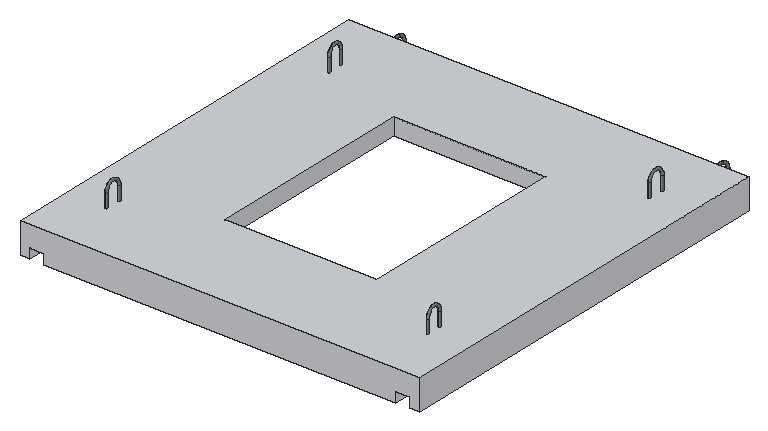
Revit family "110201-00006  Блок стеновой ж.б СБ-3", category Обобщенные модели, Revit 2019
Family settings
  Может служить основой для арматурных стержней = Нет
  Размер круглого соединителя = Использовать диаметр
  Тип детали = Нормальный
  На основе рабочей плоскости = Нет
  Всегда вертикально = Да
  При загрузке вырезать с полостями = Нет
  Общий = Нет
  Точка расчета площади = Нет
Parameters (values of type "Блок стеновой ж/б СБ-3")
  ADSK_Ширина блока = "160"
  ADSK_Ссылка на сайт = "https://www.ssd.ru/blok-stenovoy-zh-b-sb-3"
  ADSK_Сертификат соответствия = "https://www.ssd.ru/upload/iblock/ec0/sert_b25_0221.pdf"
  ADSK_Наименование = "Блок стеновой ж/б СБ-3"
  ADSK_Масса = "1360"
  ADSK_Марка бетона = "В25"
  ADSK_Марка = "СБ-3"
  ADSK_Код изделия = "110201-00006"
  ADSK_Изготовитель = "АО СВЯЗЬСТРОЙДЕТАЛЬ"
  ADSK_Длина [instance] = 2100 mm
  ADSK_Высота [instance] = 2160 mm
Reference planes
  plane 1 "По центру (Вперед/Назад)": y = 0
  plane 2: z = 0
  plane 3 "По центру (Влево/Вправо)": x = 0
  plane 4: x = -1050
  plane 5: x = 1050
  plane 6: y = 1080
  plane 7: y = -1080
  plane 8: y = 665
  plane 9: y = -665
  plane 10: x = -650
  plane 11: x = 650
  plane 12: x = -400
  plane 13: x = 400
  plane 14: y = -550
Forms (mm)
  Extrusion 1, solid
    sketch origin (0, 0, 0) x (1, 0, 0) y (0, 0, 1)
      loop
        line (1050, -1.013) -> (1050, 158.987) -> (-1050, 158.987) -> (-1050, -1.013) -> (1050, -1.013)
    from -1080 to 1080
  Extrusion 2, void, detail levels medium+fine
    sketch origin (-250, 0, 0) x (1, 0, 0) y (0, 1, 0)
      loop
        line (-400, -665) -> (900, -665) -> (900, 665) -> (-400, 665) -> (-400, -665)
    from -29.606 to 70
  Extrusion 3, void, detail levels medium+fine
    sketch origin (0, 0, 0) x (1, 0, 0) y (0, 1, 0)
      loop
        line (-400, 560) -> (-400, -550) -> (400, -550) -> (400, 560) -> (-400, 560)
    from -29.606 to 158.987
  Extrusion 4, void, detail levels medium+fine
    sketch origin (0, 0, -108.983) x (0, 1, 0) y (-1, 0, 0)
      loop
        line (1080, -997.737) -> (1080, -926.221) -> (-1080, -926.221) -> (-1080, -997.737) -> (1080, -997.737)
    from 107.97 to 158.987
  Extrusion 5, void, detail levels medium+fine
    sketch origin (0, 0, -2.026) x (0, -1, 0) y (1, 0, 0)
      loop
        line (-1080, -997.737) -> (1080, -997.737) -> (1080, -926.221) -> (-1080, -926.221) -> (-1080, -997.737)
    from 1.013 to 52.026
  Sweep 6, solid, material "Новый материал (по умолчанию)", detail levels fine
    path origin (-849.253, 955.929, -420.061) x (0.023631, -0.999721, 0) y (0, 0, -1)
      loop
        line (265.993, -579.048) -> (265.993, -654.048)
        arc (265.993, -654.048) -> (225.993, -694.048) -> (185.993, -654.048) r 40
        line (185.993, -654.048) -> (185.993, -579.048)
    profile origin (-842.968, 690.011, 196.487) x (0.023631, -0.999721, 0) y (0.999721, 0.023631, 0)
      loop
        circle (0, 0) r 6
  Sweep 7, solid, material "Новый материал (по умолчанию)", detail levels fine
    path origin (-849.253, -955.929, -420.061) x (0.023631, 0.999721, 0) y (0, 0, 1)
      loop
        line (265.993, 579.048) -> (265.993, 654.048)
        arc (265.993, 654.048) -> (225.993, 694.048) -> (185.993, 654.048) r 40
        line (185.993, 654.048) -> (185.993, 579.048)
    profile origin (-842.968, -690.011, 196.487) x (-0.023631, -0.999721, 0) y (0.999721, -0.023631, 0)
      loop
        circle (0, 0) r 6
  Sweep 8, solid, material "Новый материал (по умолчанию)", detail levels fine
    path origin (849.253, -955.929, -420.061) x (-0.023631, 0.999721, 0) y (0, 0, -1)
      loop
        line (265.993, -579.048) -> (265.993, -654.048)
        arc (265.993, -654.048) -> (225.993, -694.048) -> (185.993, -654.048) r 40
        line (185.993, -654.048) -> (185.993, -579.048)
    profile origin (842.968, -690.011, 196.487) x (-0.023631, 0.999721, 0) y (-0.999721, -0.023631, 0)
      loop
        circle (0, 0) r 6
  Sweep 9, solid, material "Новый материал (по умолчанию)", detail levels fine
    path origin (849.253, 955.929, -420.061) x (-0.023631, -0.999721, 0) y (0, 0, 1)
      loop
        line (265.993, 579.048) -> (265.993, 654.048)
        arc (265.993, 654.048) -> (225.993, 694.048) -> (185.993, 654.048) r 40
        line (185.993, 654.048) -> (185.993, 579.048)
    profile origin (842.968, 690.011, 196.487) x (0.023631, 0.999721, 0) y (-0.999721, 0.023631, 0)
      loop
        circle (0, 0) r 6
  Sweep 10, solid, material "Новый материал (по умолчанию)", detail levels fine
    path origin (-856.428, 500.952, -146.026) x (0.023631, 0, 0.999721) y (0, -1, 0)
      loop
        line (265.993, -579.048) -> (265.993, -654.048)
        arc (265.993, -654.048) -> (225.993, -694.048) -> (185.993, -654.048) r 40
        line (185.993, -654.048) -> (185.993, -579.048)
    profile origin (-850.142, 1117.5, 119.892) x (0.023631, 0, 0.999721) y (0.999721, 0, -0.023631)
      loop
        circle (0, 0) r 6
  Sweep 11, solid, material "Новый материал (по умолчанию)", detail levels fine
    path origin (856.428, 500.952, -146.026) x (-0.023631, 0, 0.999721) y (0, 1, 0)
      loop
        line (265.993, 579.048) -> (265.993, 654.048)
        arc (265.993, 654.048) -> (225.993, 694.048) -> (185.993, 654.048) r 40
        line (185.993, 654.048) -> (185.993, 579.048)
    profile origin (850.142, 1117.5, 119.892) x (0.023631, 0, -0.999721) y (-0.999721, 0, -0.023631)
      loop
        circle (0, 0) r 6
Cuts and joins
  Extrusion 2, Extrusion 3, Extrusion 4, Extrusion 5 cuts Extrusion 1
Dimensions and locks
  "ADSK_Длина": plane 4 to plane 5
  equal spacing: plane 4, plane 3 "По центру (Влево/Вправо)", plane 5
  "ADSK_Высота": plane 6 to plane 7
  equal spacing: plane 6, plane 1 "По центру (Вперед/Назад)", plane 7
  cut or joined group of Extrusion 1, Extrusion 2, Extrusion 3, Extrusion 4, Extrusion 5 to cut or joined group of Extrusion 1, Extrusion 2, Extrusion 3, Extrusion 4, Extrusion 5 = 160 mm
  aligned and locked: level to plane 2
  aligned and locked: plane 8 to Extrusion 2
  aligned and locked: plane 9 to Extrusion 2
  aligned and locked: Extrusion 2 to plane 10
  aligned and locked: Extrusion 2 to plane 11
  aligned and locked: Extrusion 3 to plane 14
  aligned and locked: plane 13 to Extrusion 3
  aligned and locked: Extrusion 3 to plane 12
Automatic sketch dimensions
  Extrusion 1 sketch curve to plane 4 = 0 mm
  Extrusion 1 sketch curve to plane 5 = 0 mm
  Extrusion 1 sketch curve to level = 1.013 mm
  level to Extrusion 1 sketch curve = 158.987 mm
  Extrusion 2 sketch curve to plane 8 = 0 mm
  Extrusion 2 sketch curve to plane 10 = 0 mm
  Extrusion 2 sketch curve to plane 11 = 0 mm
  plane 9 to Extrusion 2 sketch curve = 0 mm
  Extrusion 3 sketch curve to plane 12 = 0 mm
  Extrusion 3 sketch curve to plane 13 = 0 mm
  Extrusion 3 sketch curve to plane 14 = 0 mm
  Extrusion 3 sketch curve to plane 8 = 105 mm
  Extrusion 4 sketch curve to plane 7 = 0 mm
  Extrusion 4 sketch curve to plane 6 = 0 mm
  Extrusion 4 sketch curve to plane 5 = 52.263 mm
  Extrusion 4 sketch curve to Extrusion 4 sketch curve = 71.516 mm
  Extrusion 5 sketch curve to plane 6 = 0 mm
  Extrusion 5 sketch curve to plane 7 = 0 mm
  plane 4 to Extrusion 5 sketch curve = 52.263 mm
  Extrusion 5 sketch curve to Extrusion 5 sketch curve = 71.516 mm
  level to Sweep 6 sketch curve = 233.987 mm
  Sweep 6 sketch curve to Sweep 6 sketch curve = 40 mm
  Sweep 6 sketch curve to Sweep 6 sketch curve = 75 mm  (x2)
  Sweep 6 sketch curve to profile plane = 0 mm  (x2)
  level to Sweep 7 sketch curve = 233.987 mm
  Sweep 7 sketch curve to Sweep 7 sketch curve = 40 mm
  Sweep 7 sketch curve to Sweep 7 sketch curve = 75 mm  (x2)
  Sweep 7 sketch curve to profile plane = 0 mm
  profile plane to Sweep 7 sketch curve = 0 mm
  level to Sweep 8 sketch curve = 233.987 mm
  Sweep 8 sketch curve to Sweep 8 sketch curve = 40 mm
  Sweep 8 sketch curve to Sweep 8 sketch curve = 75 mm  (x2)
  profile plane to Sweep 8 sketch curve = 0 mm  (x2)
  level to Sweep 9 sketch curve = 233.987 mm
  Sweep 9 sketch curve to Sweep 9 sketch curve = 40 mm
  Sweep 9 sketch curve to Sweep 9 sketch curve = 75 mm  (x2)
  profile plane to Sweep 9 sketch curve = 0 mm
  Sweep 9 sketch curve to profile plane = 0 mm
  plane 6 to Sweep 10 sketch curve = 0 mm  (x2)
  plane 6 to Sweep 10 sketch curve = 75 mm
  Sweep 10 sketch curve to Sweep 10 sketch curve = 40 mm
  profile plane to Sweep 10 sketch curve = 0 mm
  Sweep 10 sketch curve to profile plane = 0 mm
  plane 6 to Sweep 11 sketch curve = 0 mm  (x2)
  plane 6 to Sweep 11 sketch curve = 75 mm
  Sweep 11 sketch curve to Sweep 11 sketch curve = 40 mm
  profile plane to Sweep 11 sketch curve = 0 mm  (x2)
  radius of Sweep 6 sketch curve = 6 mm
  radius of Sweep 7 sketch curve = 6 mm
  radius of Sweep 8 sketch curve = 6 mm
  radius of Sweep 9 sketch curve = 6 mm
  radius of Sweep 10 sketch curve = 6 mm
  radius of Sweep 11 sketch curve = 6 mm
